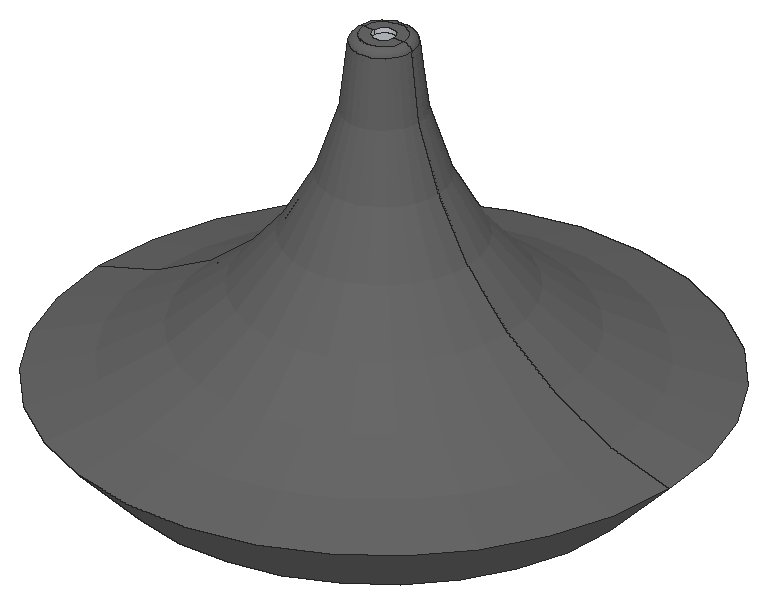
Revit family "PEMB SHADE", category Lighting Fixtures, Revit 2024
Family settings
  Round Connector Dimension = Use Diameter
  Part Type = Normal
  OmniClass Number = 23.80.70.00
  OmniClass Title = Lighting
  Work Plane-Based = No
  Always vertical = Yes
  Cut with Voids When Loaded = No
  Light Source = Yes
  Maintain Annotation Orientation = No
  Shared = No
  Room Calculation Point = No
Parameters
  Wattage = 12.1178 W
  built-in parameter 1150110 = 1 (stored number, unit not read)
  built-in parameter 1114217 = 1 (stored number, unit not read)
  built-in parameter 1150109 = 1 (stored number, unit not read)
  built-in parameter 1150134 = (empty or 0)
  built-in parameter 1150113 = 1 (stored number, unit not read)
  Lumens = 1800 lm
  built-in parameter 1150115 = 1 (stored number, unit not read)
  built-in parameter 1150105 = 572.96 (stored number, unit not read)
  Light Source Symbol Size = 2' - 0"
  built-in parameter 1150137 = (empty or 0)
  built-in parameter 1150139 = (empty or 0)
  built-in parameter 1150112 = 1 (stored number, unit not read)
  built-in parameter 1150114 = 1 (stored number, unit not read)
  built-in parameter 1150132 = 2
  built-in parameter 1150102 = (empty or 0)
  built-in parameter 1150138 = (empty or 0)
  built-in parameter 1150107 = 3000 (stored number, unit not read)
  built-in parameter 1150106 = 5.7296 (stored number, unit not read)
  built-in parameter 1150104 = 13.8 (stored number, unit not read)
  Dimming Lamp Color Temperature Shift = (empty or 0)
  Default Elevation = 0' - 0"
  Color Filter = 16777215
  built-in parameter 1114218 = 1 (stored number, unit not read)
  built-in parameter 1150133 = 10 (stored number, unit not read)
Reference planes (in)
  plane 1 "Light Source Axis (F/B)": y = 0
  plane 2: z = 0
  plane 3 "Light Source Axis (L/R)": x = 0
  plane 4 "Light Source Elevation": z = 54
Forms (in)
  Revolve 1, solid
    sketch origin (0, 0, 0) x (1, 0, 0) y (0, 0, 1)
      loop
        line (-7, 55.43683) -> (-5.56317, 54) -> (-5.43059, 54) -> (-6.81015, 55.37956)
        arc (-6.81015, 55.37956) -> (-2.41294, 58.03447) -> (-0.59201, 62.83742) r 7.86576
        arc (-0.59201, 62.83742) -> (-0.55745, 62.88714) -> (-0.5, 62.90625) r 0.09591
        line (-0.5, 62.90625) -> (-0.25, 62.90625) -> (-0.25, 63) -> (-0.5, 63)
        arc (-0.5, 63) -> (-0.61919, 62.95787) -> (-0.68543, 62.85019) r 0.18966
        arc (-0.68543, 62.85019) -> (-2.53769, 58.03192) -> (-7, 55.43683) r 7.77201
      axis (0, 63) -> (0, 54)
    angle from 0 to 360
Dimensions and locks (in)
  aligned and locked: plane 3 "Light Source Axis (L/R)" to imposter light
  aligned and locked: plane 1 "Light Source Axis (F/B)" to imposter light
  aligned and locked: plane 4 "Light Source Elevation" to imposter light
  aligned and locked: level to plane 2
